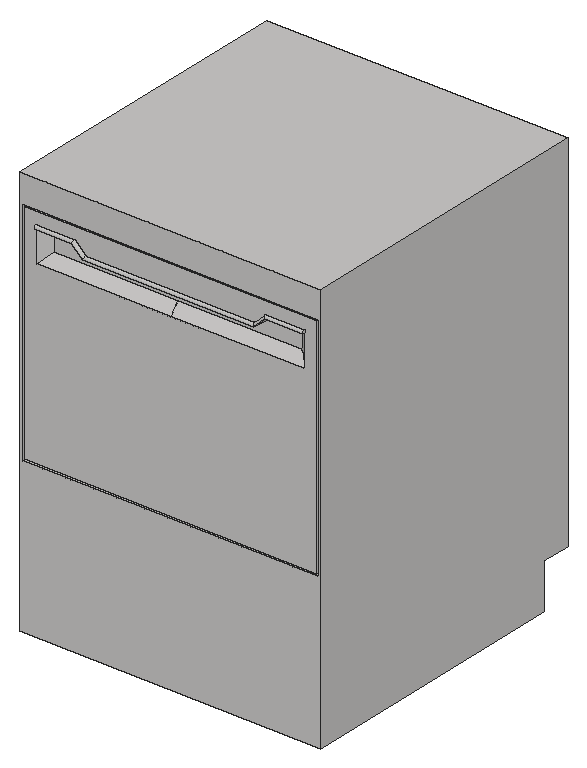
Revit family "QF_ELECTROLUXPROFESSIONAL_502716_ELAI1G8", category Specialty Equipment, Revit 2018
Family settings
  Round Connector Dimension = Use Diameter
  Part Type = Normal
  Work Plane-Based = No
  Always vertical = Yes
  Cut with Voids When Loaded = No
  Shared = No
  Room Calculation Point = No
Parameters
  Weight = 68.00 kg
  Watts = 0 W
  Volts = 0 V
  URL Manufacturer = ""
  URL = "http://professional.electrolux.com/"
  Steam Supply Size = 0 mm
  Steam Supply Minimum Pressure = 0.0 Pa
  Steam Supply Maximum Pressure = 0.0 Pa
  Steam Pounds per Hour = 0
  Show Logo [instance] = yes
  Show Clearance [instance] = yes
  Refrigeration Suction Line Size = 0 mm
  Refrigeration Liquid Line Size = 0 mm
  Refrigerant Compressor Remote = yes
  Manufacturer = ""
  Phase = 0
  Model = ""
  Length Actual = 600 mm  # constant formula
  Item Number = ""
  Hot Water Size = 0 mm
  Height Actual = 820 mm  # constant formula
  HP = "9.2 HP"
  Gas Size = 0 mm
  Gas KW = 0
  Gas Input Pressure = 0 W
  Direct Waste Size = 18 mm
  Description = ""
  Depth Actual = 615 mm  # constant formula
  Cycle = 0 Hz
  Condensate Return Size = 0 mm
  Compressed Air Volume = 0.0 L/s
  Compressed Air Size = 0 mm
  Compressed Air Pressure = 0.0 Pa
  Cold Water Size = 0 mm
  Accessory = yes
Types (2, lengths in mm): name | Volts | URL Manufacturer | URL | Manufacturer | Phase | Model | Item Number | Hot Water Size | Description | Cycle
  (no name) | 0 V | "" | "http://professional.electrolux.com/" | "" | 0 | "" | "" | 0 | "" | 0 Hz
  Standard | 208 V | "http://professional.electrolux.com" | "http://professional.electrolux.com" | "Electrolux Professional" | 1 | "ELAI1G8" | "502716" | 19.05 | "UNDERCOUNTER(L), WASH-SAFE, DOUBLE SKIN, 1PH, DP, DD, 540D/H-208V" | 60 Hz
Reference planes
  plane 1 "Center (Front/Back)": y = 0
  plane 2: z = 0
  plane 3 "Center (Left/Right)": x = 0
  plane 4 "LEFT": x = -300
  plane 5 "RIGHT": x = 300
  plane 6 "FRONT": y = -307.5
  plane 7 "BACK": y = 307.5
  plane 8: z = 830
  plane 9: z = 10
  plane 10: y = 268.5
Forms (mm)
  Extrusion 1, solid, material "QF_Finishes_Stainless Steel"
    sketch origin (0, 0, 0) x (1, 0, 0) y (0, 1, 0)
      loop
        line (-300, -307.5) -> (300, -307.5) -> (300, 249.5) -> (-300, 249.5) -> (-300, -307.5)
    from 10 to 830
  Extrusion 2, solid, material "QF_Finishes_Stainless Steel"
    sketch origin (0, 0, 0) x (1, 0, 0) y (0, 1, 0)
      loop
        line (-300, 249.5) -> (300, 249.5) -> (300, 307.5) -> (-300, 307.5) -> (-300, 249.5)
    from 100 to 830
  Extrusion 3, solid, material "QF_Finishes_Stainless Steel"
    sketch origin (0, 0, 0) x (1, 0, 0) y (0, 1, 0)
      loop
        circle (-254, 193.5) r 12.5
      loop
        circle (254, 193.5) r 12.5
      loop
        circle (-254, -237.5) r 12.5
      loop
        circle (254, -237.5) r 12.5
    from 0 to 10
  Extrusion 4, void
    sketch origin (-300, -307.5, 0) x (-1, 0, 0) y (0, 0, 1)
      loop
        line (-5, 773.217) -> (-595, 773.217) -> (-595, 315.188) -> (-5, 315.188) -> (-5, 773.217)
    from 0 to 30
  Extrusion 5, solid, material "QF_Finishes_Stainless Steel"
    sketch origin (-274, -411, 733) x (0, 0, -1) y (1, 0, 0)
      loop
        circle (693, 143) r 10
    from -660.5 to -718.5
  Extrusion 6, solid, material "QF_Door-Drawer Clearances", visible <- "Show Clearance", detail levels coarse
    sketch origin (-230, -282.5, 0) x (0, 1, 0) y (0, 0, -1)
      loop
        line (-25, -319.312) -> (-397, -319.312)
        arc (-397, -319.312) -> (-298.139, -616.581) -> (-25, -770) r 434.302
        line (-25, -770) -> (-25, -319.312)
    from 61.225 to -521.647
  Extrusion 7, solid, material "QF_Finishes_Stainless Steel"
    sketch origin (-331.481, -411, 703) x (0, 0, -1) y (1, 0, 0)
      loop
        circle (663, 252.481) r 8
    from -660.5 to -718.5
  Extrusion 8, solid, material "QF_Finishes_Stainless Steel"
    sketch origin (-230, -282.5, 0) x (0, 1, 0) y (0, 0, -1)
      loop
        line (-25, -319.312) -> (-25, -770) -> (0, -770) -> (0, -319.312) -> (-25, -319.312)
    from 61.225 to -521.647
  Extrusion 9, solid, material "QF_Finishes_Stainless Steel"
    sketch origin (-301, 942.75, 760.5) x (0, -1, 0) y (1, 0, 0)
      loop
        circle (663, 158) r 8
    from -660.5 to -670.5
  Blend 10, void
    base sketch origin (-230, -307.5, 770) x (0, 0, -1) y (1, 0, 0)
      loop
        line (93.563, -37.311) -> (93.563, 230) -> (93.563, 497.311) -> (28.563, 497.311) -> (28.563, 422.311) -> (49.776, 401.098) -> (49.776, 230) -> (49.776, 58.902) -> (28.563, 37.689) -> (28.563, -37.311) -> (93.563, -37.311)
    top sketch origin (-230, -307.5, 770) x (0, 0, -1) y (1, 0, 0)
      loop
        line (73.563, -17.311) -> (73.563, 230) -> (73.563, 477.311) -> (31.063, 477.311) -> (31.063, 422.311) -> (52.276, 401.098) -> (52.276, 58.902) -> (31.063, 37.689) -> (31.063, -17.311) -> (73.563, -17.311)
    from 0 to -19.433
  Sweep 11, solid, material "QF_Finishes_Stainless Steel"
    path origin (-230, -307.5, 770) x (0, 0, -1) y (1, 0, 0)
      loop
        line (28.563, -37.311) -> (28.563, 37.689) -> (49.776, 58.902) -> (49.776, 401.098) -> (28.563, 422.311) -> (28.563, 497.311)
    profile origin (-229.811, -307.5, 741.437) x (0, 0, 1) y (0, -1, 0)
      loop
        line (0, 0) -> (5, 0)
        arc (5, 0) -> (3.536, 3.536) -> (0, 5) r 5
        arc (0, 5) -> (-0.037, 0.962) -> (-0.394, -3.06) r 51.04
        line (-0.394, -3.06) -> (0, 0)
Cuts and joins
  Extrusion 4 cuts Extrusion 1
  joined: Extrusion 1, Extrusion 2
  Blend 10 cuts Extrusion 8
Lines and regions (mm)
  Split face 1
    outline origin (-300, -307.5, 830) x (0, 0, -1) y (1, 0, 0)
      loop
        line (56.783, 5) -> (56.783, 0)
      loop
        line (56.783, 595) -> (56.783, 600)
      loop
        line (37.034, 600) -> (37.034, 514.297)
        arc (37.034, 514.297) -> (37.64, 511.25) -> (39.366, 508.667) r 7.962
        line (39.366, 508.667) -> (44.289, 503.744)
        arc (44.289, 503.744) -> (46.135, 500.982) -> (46.783, 497.723) r 8.515
        line (46.783, 497.723) -> (46.783, 87.277)
        arc (46.783, 87.277) -> (46.135, 84.018) -> (44.289, 81.256) r 8.515
        line (44.289, 81.256) -> (39.366, 76.333)
        arc (39.366, 76.333) -> (37.64, 73.75) -> (37.034, 70.703) r 7.962
        line (37.034, 70.703) -> (37.034, 0)
  Split face 2
    outline origin (-300, -307.5, 830) x (0, 0, -1) y (1, 0, 0)
      loop
        line (13.15, 274.82) -> (37.034, 274.82) -> (37.034, 325.18) -> (13.15, 325.18) -> (13.15, 274.82)
  symbolic lines
    curve 1: line (-300, 307.5, 0) -> (300, 307.5, 0)
    curve 2: line (-300, -307.5, 0) -> (-300, 307.5, 0)
    curve 3: line (300, -307.5, 0) -> (-300, -307.5, 0)
    curve 4: line (300, 307.5, 0) -> (300, -307.5, 0)
  symbolic lines, style "QF_Door-Drawer Clearances"
    curve 5: line (-291.225, -679.5, 0) -> (291.647, -679.5, 0)
    curve 6: line (291.647, -679.5, 0) -> (291.647, -307.5, 0)
    curve 7: line (-291.225, -679.5, 0) -> (-291.225, -307.5, 0)
  symbolic lines, style "SpecialityEquipmentHiddenLines"
    curve 8: line (-300, 249.5, 0) -> (300, 249.5, 0)
Dimensions and locks
  equal spacing: plane 4 "LEFT", plane 3 "Center (Left/Right)", plane 5 "RIGHT"
  equal spacing: plane 7 "BACK", plane 1 "Center (Front/Back)", plane 6 "FRONT"
  plane 7 "BACK" to plane 6 "FRONT" = 615 mm
  plane 4 "LEFT" to plane 5 "RIGHT" = 600 mm
  locked: plane 9 to level at 10
  plane 4 "LEFT" to plane 3 "Center (Left/Right)" = 300 mm
  plane 8 to level = 830 mm  (x2)
  Extrusion 9 sketch curve to plane 4 "LEFT" = 157 mm
  level to Extrusion 5 sketch curve = 40 mm
  Extrusion 5 sketch curve to plane 4 "LEFT" = 169 mm
  Extrusion 7 sketch curve to plane 4 "LEFT" = 221 mm
  level to Extrusion 7 sketch curve = 40 mm
  Extrusion 3 to cut or joined group of Extrusion 1, Extrusion 2, Extrusion 4 = 114 mm
  Extrusion 3 to Extrusion 3 = 431 mm
  plane 6 "FRONT" to Extrusion 3 = 70 mm
  plane 1 "Center (Front/Back)" to plane 6 "FRONT" = 307.5 mm
  locked: plane 7 "BACK" to plane 10 at 39
  plane 7 "BACK" to curve 5 = 987 mm
  Extrusion 8 to cut or joined group of Extrusion 1, Extrusion 2, Extrusion 4 = 454.812 mm
  aligned and locked: level to plane 2
  aligned and locked: Extrusion 1 sketch curve to plane 6 "FRONT"
  aligned and locked: Extrusion 1 sketch curve to plane 4 "LEFT"
  aligned and locked: plane 5 "RIGHT" to Extrusion 1 sketch curve
  aligned and locked: Extrusion 1 to plane 9
  aligned and locked: Extrusion 2 sketch curve to Extrusion 1
  aligned and locked: plane 7 "BACK" to Extrusion 2 sketch curve
  aligned and locked: plane 5 "RIGHT" to Extrusion 2 sketch curve
  aligned and locked: plane 9 to Extrusion 3
Automatic sketch dimensions
  Extrusion 1 sketch curve to plane 10 = 19 mm
  Extrusion 2 sketch curve to plane 10 = 19 mm
  plane 4 "LEFT" to Extrusion 3 sketch curve = 46 mm  (x2)
  Extrusion 3 sketch curve to plane 5 "RIGHT" = 46 mm  (x2)
  plane 6 "FRONT" to Extrusion 3 sketch curve = 70 mm  (x2)
  Extrusion 3 sketch curve to plane 10 = 75 mm  (x2)
  Extrusion 4 sketch curve to Extrusion 1 = 5 mm  (x2)
  Extrusion 4 sketch curve to Extrusion 1 = 305.188 mm
  Extrusion 4 sketch curve to Extrusion 1 = 56.783 mm
  Extrusion 8 sketch curve to plane 6 "FRONT" = 0 mm
  Extrusion 8 sketch curve to Extrusion 8 sketch curve = 25 mm
  Extrusion 8 sketch curve to plane 8 = 60 mm
  plane 9 to Extrusion 8 sketch curve = 309.312 mm
  cut or joined group of Extrusion 1, Extrusion 2, Extrusion 4 to Split face 1 sketch curve = 0 mm  (x2)
  Split face 1 sketch curve to cut or joined group of Extrusion 1, Extrusion 2, Extrusion 4 = 0 mm  (x6)
  cut or joined group of Extrusion 1, Extrusion 2, Extrusion 4 to Split face 1 sketch curve = 10 mm
  Split face 1 sketch curve to Split face 1 sketch curve = 2.494 mm  (x2)
  Split face 1 sketch curve to Split face 1 sketch curve = 8.515 mm  (x2)
  cut or joined group of Extrusion 1, Extrusion 2, Extrusion 4 to Split face 1 sketch curve = 11.786 mm  (x2)
  Split face 1 sketch curve to Split face 1 sketch curve = 5.63 mm  (x2)
  Split face 1 sketch curve to Split face 1 sketch curve = 2.332 mm  (x2)
  Split face 1 sketch curve to cut or joined group of Extrusion 1, Extrusion 2, Extrusion 4 = 65.703 mm
  Split face 1 sketch curve to Split face 1 sketch curve = 4.923 mm  (x2)
  Split face 1 sketch curve to cut or joined group of Extrusion 1, Extrusion 2, Extrusion 4 = 97.277 mm
  Split face 2 sketch curve to cut or joined group of Extrusion 1, Extrusion 2, Extrusion 4 = 13.15 mm
  cut or joined group of Extrusion 1, Extrusion 2, Extrusion 4 to Split face 2 sketch curve = 19.749 mm
  Split face 2 sketch curve to cut or joined group of Extrusion 1, Extrusion 2, Extrusion 4 = 269.82 mm
  Split face 2 sketch curve to Split face 2 sketch curve = 50.359 mm
  curve 1 to plane 4 "LEFT" = 0 mm
  curve 7 to plane 6 "FRONT" = 0 mm
  curve 4 to plane 5 "RIGHT" = 0 mm
  curve 8 to plane 10 = 19 mm
  curve 2 to plane 7 "BACK" = 0 mm
  plane 4 "LEFT" to curve 5 = 8.775 mm
  curve 6 to plane 5 "RIGHT" = 8.353 mm
  Extrusion 6 sketch curve to plane 6 "FRONT" = 0 mm
  plane 6 "FRONT" to Extrusion 6 sketch curve = 61.803 mm
  plane 9 to Extrusion 6 sketch curve = 330.118 mm
  Extrusion 6 sketch curve to Extrusion 6 sketch curve = 20.806 mm
  Extrusion 6 sketch curve to plane 6 "FRONT" = 372 mm
  Blend 10 sketch curve to Extrusion 8 = 28.563 mm  (x2)
  Blend 10 sketch curve to Extrusion 8 = 49.776 mm
  Blend 10 sketch curve to Blend 10 sketch curve = 65 mm
  Extrusion 8 to Blend 10 sketch curve = 23.913 mm
  Blend 10 sketch curve to Blend 10 sketch curve = 75 mm  (x2)
  Blend 10 sketch curve to Blend 10 sketch curve = 21.213 mm  (x5)
  Blend 10 sketch curve to Blend 10 sketch curve = 171.098 mm  (x2)
  Blend 10 sketch curve to Blend 10 sketch curve = 0 mm
  Extrusion 8 to Blend 10 sketch curve = 120.549 mm
  Extrusion 8 to Blend 10 sketch curve = 99.335 mm
  Extrusion 8 to Blend 10 sketch curve = 43.913 mm
  Blend 10 sketch curve to Blend 10 sketch curve = 42.5 mm
  Extrusion 8 to Blend 10 sketch curve = 44.335 mm
  Blend 10 sketch curve to Blend 10 sketch curve = 55 mm  (x2)
  Blend 10 sketch curve to Extrusion 8 = 31.063 mm
  Extrusion 8 to Sweep 11 sketch curve = 98.913 mm
  Sweep 11 sketch curve to Sweep 11 sketch curve = 21.213 mm  (x4)
  Extrusion 8 to Sweep 11 sketch curve = 23.913 mm
  Sweep 11 sketch curve to Extrusion 8 = 28.563 mm
  Extrusion 8 to Sweep 11 sketch curve = 99.335 mm
  Extrusion 8 to Sweep 11 sketch curve = 24.335 mm
  profile plane to Sweep 11 sketch curve = 0 mm  (x2)
  Sweep 11 sketch curve to profile plane = 0 mm
  profile plane to Sweep 11 sketch curve = 3.452 mm
  Sweep 11 sketch curve to Sweep 11 sketch curve = 5 mm
  profile plane to Sweep 11 sketch curve = 0.394 mm
  Sweep 11 sketch curve to profile plane = 3.06 mm
  plane 10 to Extrusion 9 sketch curve = 11.25 mm
  radius of Extrusion 3 sketch curve = 12.5 mm  (x4)
  radius of Extrusion 5 sketch curve = 10 mm
  radius of Extrusion 7 sketch curve = 8 mm
  radius of Extrusion 9 sketch curve = 8 mm
Connectors
  piping at (-131, 307.5, 40), diameter 20
    settings: on Extrusion 5, index 1, connector inside diameter 609.6 mm, connector length 0 mm, flow factor 0, pipe flow 0.0 L/s, pressure drop 0.0 Pa, fitting loss kfactor 0, connector angle 0.00°, fixture units 0, engagement length 0 mm, angle of deflection 0.00°, flow configuration 1, flow direction 1, fitting loss method 0, system type 16, joint type 0, gender type 0, connector reference index -1, connector utility 0, adjustable connector no, is connector primary yes, connector description "Drain"
  piping at (-79, 307.5, 40), diameter 16
    settings: on Extrusion 7, index 3, connector inside diameter 609.6 mm, connector length 0 mm, flow factor 0, pipe flow 0.0 L/s, pressure drop 0.0 Pa, fitting loss kfactor 0, connector angle 0.00°, fixture units 0, engagement length 0 mm, angle of deflection 0.00°, flow configuration 1, flow direction 1, fitting loss method 0, system type 20, joint type 0, gender type 0, connector reference index -1, connector utility 0, adjustable connector no, is connector primary no, connector description "Cold Water Inlet"
  electrical at (-143, 279.75, 90), driven by "Volts"
    settings: on Extrusion 9, index 4, voltage 0 V, apparent load 0 VA, apparent load phase1 0 VA, apparent load phase2 0 VA, apparent load phase3 0 VA, power factor 1, load classification "Altro", number of poles 1, system type 31, power factor state 1, is connector primary yes, connector utility no, sub classification motor no, connector description "Electrical Connection"
